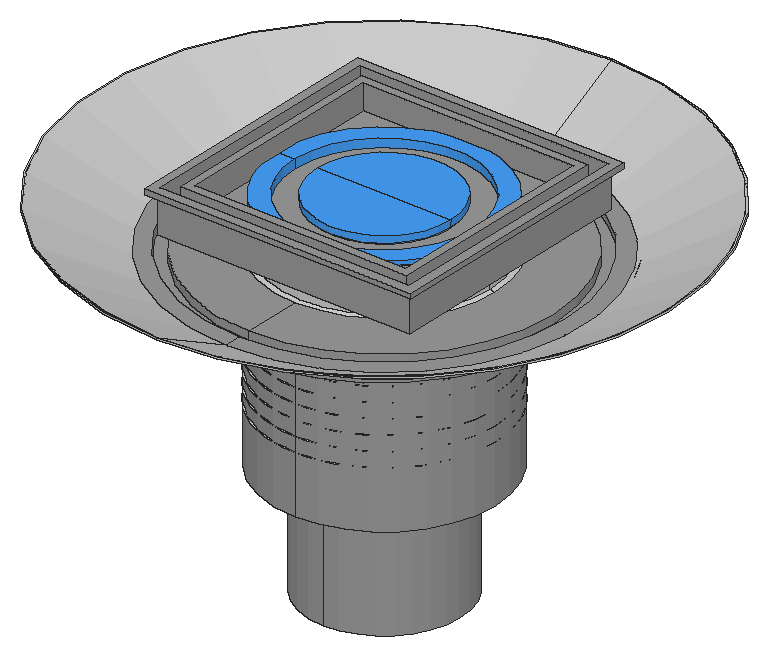
Revit family "_02HL_RU_Floor drain_HL310Prblue-3020", category Instalační zařizovací předměty, Revit 2021
Family settings
  Kóta kulaté spojky = Použít průměr
  Typ dílu = Normální
  Číslo OmniClass = 23.70.50.21.24.14
  Nadpis OmniClass = Deck Waste Water Drains
  Založené na pracovní rovině = Ne
  Vždy vertikální = Ano
  Ořezat dutým tvarem při načtení = Ne
  Sdílené = Ano
  Bod výpočtu místnosti = Ano
Parameters (values of type "HL310Prblue-3020")
  РЕШЁТКА = "112 x 112 mm"
  РАЗМЕР = "DN50/75/110"
  ПРОПУСКНАЯ СПОСОБНОСТЬ [instance] = 0.0 L/s
  ПРОИЗВОДИТЕЛЬНОСТЬ = "0,5 l/s"
  ПРАВОВАЯ ИНФОРМАЦИЯ = "Авторские права(©), права на дизайн или какие либо другие права интелектуальной собственности являются исключительной собственностью компании HL Hutterer & Lechner. Изменению не подлежит. Файл семейства с данными о прозводителе изделия защищен паролем с водяным знаком."  # constant formula
  Нормы = "EN 1253-8"
  НОМИНАЛЬНЫЙ ДИАМЕТР = 50 mm
  НАСАДКА = "10-80 mm / 132 x 132 mm"
  МАТЕРИАЛ = "PP, ABS"
  МАКСИМАЛЬНАЯ НАГРУЗКА КЛАССА = "K3 - 300 kg"
  ВЫСОТА МОНТАЖА = "183 mm"
  ВЕС = "0,9 [kg]"
  Výrobce = "HL Hutterer & Lechner GmbH"  # constant formula
  EAN = "9003076052011"
  Výchozí výška = 0 mm
  URL = "https://www.hutterer-lechner.com/ru/products/catalog/Floor-drains/vertical/flange/HL310Prblue-3020.aspx"
  Tile Material [instance] = none
  Přípoj ventilace = no
  Přípoj odpadních dílů = yes
  Přípoj HW = no
  Přípoj CW = no
  Popis = "Трап для внутренних помещений"
  Model = "HL310Prblue-3020"
  Assembly Code = " "
  Komentáře k typům = "Трап для внутренних помещений с \"СУХИМ\" сифоном, с вертикальным выпуском DN50/75/110, с надставным элементом 132х132/112х112 мм для вклеивания керамической плитки"
  Keynote = "HL310Prblue-3020"
  IH [instance] = Высота монтажа 1 + Высота монтажа 2  # 32 mm
  Высота монтажа 2 [instance] = 0 mm
  Высота монтажа 1 [instance] = 32 mm
  G [instance] = 180.00°  # constant formula
  D [instance] = if(НОМИНАЛЬНЫЙ ДИАМЕТР = 110 mm, IH - 5 mm, IH + 51 mm)  # 83 mm
  C [instance] = if(IH - 68 mm < 0 mm, 0 mm, IH - 68 mm)  # 0 mm
  B [instance] = 100 mm
  A [instance] = if(B - 100 mm > 15 mm, B - 100 mm, 15 mm)  # 15 mm
Reference planes
  plane 1 "Center (Front/Back)": y = 0
  plane 2: z = 0
  plane 3 "Center (Left/Right)": x = 0
  plane 4: z = -100
  plane 5: z = -32
  plane 6: z = -32
Lines and regions (mm)
  model lines, style "InvisibleLines"
    curve 1: line (0, 0, 0) -> (0, 0, 20)
  model lines, style "PlumbingFixtures", detail levels coarse+medium
    curve 2: line (0, 0, -100) -> (0, 0, -85)
    curve 3: line (0, 0, -85) -> (-85, 0, 0)
    curve 4: line (0, 0, -85) -> (85, 0, 0)
    curve 6: line (0, 0, -100) -> (0, 0, -183)
  reference lines, not visible
    curve 5: line (0, 0, -100) -> (0, 0, -183)
  symbolic lines, style "PlumbingFixtures", detail levels coarse+medium
    curve 7: line (-75, 75, 0) -> (75, 75, 0)
    curve 8: line (-75, -75, 0) -> (-75, 75, 0)
    curve 9: line (75, -75, 0) -> (-75, -75, 0)
    curve 10: line (75, 75, 0) -> (75, -75, 0)
    curve 11: line (-75, 75, 0) -> (-145.711, 145.711, 0)
    curve 12: line (75, 75, 0) -> (145.711, 145.711, 0)
    curve 13: line (-75, -75, 0) -> (-145.711, -145.711, 0)
    curve 14: line (75, -75, 0) -> (145.711, -145.711, 0)
  symbolic lines, style "PlumbingFixtures", not visible, detail levels coarse+medium
    curve 15: line (-75, 75, 0) -> (75, 75, 0)
    curve 16: line (-75, -75, 0) -> (-75, 75, 0)
    curve 17: line (75, -75, 0) -> (-75, -75, 0)
    curve 18: line (75, 75, 0) -> (75, -75, 0)
    curve 19: line (-75, 75, 0) -> (-145.711, 145.711, 0)
    curve 20: line (75, 75, 0) -> (145.711, 145.711, 0)
    curve 21: line (-75, -75, 0) -> (-145.711, -145.711, 0)
    curve 22: line (75, -75, 0) -> (145.711, -145.711, 0)
Text (mm)
  text "FLOOR" at (-162.344, 0, -10.979), in view "вид строительства"
Dimensions and locks
  "B": plane 2 to plane 4
  "IH": plane 2 to plane 5
  "A": curve 4 to plane 4
  "D": curve 5 to curve 5
  "D": curve 6 to curve 6
  "Высота монтажа 1": plane 2 to plane 6
  locked: curve 4 to plane 3 "Center (Left/Right)" (angle 45.00°)
  locked: plane 3 "Center (Left/Right)" to curve 3 (angle 45.00°)
  "G": angle curve 5 to plane 3 "Center (Left/Right)"
  aligned and locked: level to plane 2
  aligned and locked: plane 2 to curve 4
  aligned and locked: plane 2 to curve 3
  aligned and locked: plane 4 to curve 5
  aligned and locked: plane 3 "Center (Left/Right)" to curve 5
  aligned and locked: plane 4 to curve 2
  aligned and locked: plane 3 "Center (Left/Right)" to curve 6
  aligned and locked: plane 4 to curve 6
  aligned and locked: nested 1 to plane 3 "Center (Left/Right)"
  aligned and locked: nested 1 to plane 1 "Center (Front/Back)"
  aligned and locked: plane 3 "Center (Left/Right)" to nested 2
  aligned and locked: nested 1 to nested 2
  aligned and locked: plane 1 "Center (Front/Back)" to nested 2
  aligned and locked: plane 1 "Center (Front/Back)" to nested 3
  aligned and locked: plane 3 "Center (Left/Right)" to nested 3
  aligned and locked: nested 1 to plane 5
Automatic sketch dimensions
  curve 2 to plane 3 "Center (Left/Right)" = 0 mm
  curve 1 to plane 3 "Center (Left/Right)" = 0 mm
  curve 1 to level = 0 mm
  curve 1 to curve 1 = 20 mm
Nested families
  nested 1: "HL-Корпус для трапа внутренних помещений-HL310K-3020" at (0, 0, -10), type "HL310K-3020_Main Component"
  nested 2: "HL-Насадка-HL3020" at (0, 0, 0), type "HL3020_Main Component"
    with Высота монтажа 100 mm, RN 10, RL 65 mm, R yes, NL_Test yes, NL 100 mm
  nested 3: "HL-Вкладыш сифона-HL0510.12EKK" at (0, 0, -8), type "HL0510.12EKK"
Connectors
  piping at (0, 0, -183), diameter 50, driven by "ПРОПУСКНАЯ СПОСОБНОСТЬ", driven by "НОМИНАЛЬНЫЙ ДИАМЕТР"
    settings: on curve 5, index 1, connector inside diameter 609.6 mm, connector length 0 mm, flow factor 0, pipe flow 0.0 L/s, pressure drop 0.0 Pa, fitting loss kfactor 0, connector angle 0.00°, fixture units 0, engagement length 0 mm, angle of deflection 0.00°, flow configuration 1, flow direction 2, fitting loss method 0, system type 16, joint type 0, gender type 0, connector reference index -1, connector utility 0, adjustable connector yes, is connector primary yes, connector description ""
Definition of nested family "HL-Корпус для трапа внутренних помещений-HL310K-3020"
  Parameters (values of type "HL310K-3020")
    РАЗМЕР = "DN50/75/110"
    ПРАВОВАЯ ИНФОРМАЦИЯ = "Авторские права(©), права на дизайн или какие либо другие права интелектуальной собственности являются исключительной собственностью компании HL Hutterer & Lechner. Изменению не подлежит. Файл семейства с данными о прозводителе изделия защищен паролем с водяным знаком."  # constant formula
    МАТЕРИАЛ = "PP, ABS"
    ВЫСОТА МОНТАЖА = "170 mm"
    ВЕС = "0,17 [kg]"
    Waste Connection = yes
    Default Elevation = 0 mm
    Vent Connection = no
    Manufacturer = "HL Hutterer & Lechner GmbH"  # constant formula
    URL = "https://www.hutterer-lechner.com/ru/products/catalog/Floor-drains/vertical/flange/HL310K-3020.aspx"
    Assembly Code = ""
    HW Connection = no
    Description = "Трап для внутренних помещений"
    Model = "HL310K-3020"
    Type Comments = "Корпус трапа с вертикальным выпуском DN50/75/110, для серии 3020, с монтажной заглушкой"
    Keynote = "HL310K-3020"
    EAN = "9003076052202"
    CW Connection = no
  Reference planes
    plane 1 "Center (Front/Back)": y = 0
    plane 2: z = 0
    plane 3 "Center (Left/Right)": x = 0
    plane 4 "Ball Joint Vertical": x = 25.45
  Forms (mm)
    Revolve 1, solid, detail levels fine
      sketch origin (0, 0, 0) x (0, 1, 0) y (0, 0, 1)
        loop
          line (-142.408, 0) -> (-100, -22) -> (-97.986, -22) -> (-140.394, 0) -> (-142.408, 0)
        axis (0, 0) -> (0, -22)
      angle from 0 to 360
    Revolve 2, void
      sketch origin (0, 0, 0) x (0, 1, 0) y (0, 0, 1)
        loop
          line (-140.997, -0.926) -> (-140.997, 0.574) -> (-142.375, 0.574) -> (-142.375, -0.926) -> (-140.997, -0.926)
        axis (0, 0.574) -> (0, -0.926)
      angle from 0 to 360
    Revolve 3, solid, detail levels fine
      sketch origin (0, 0, 0) x (0, 1, 0) y (0, 0, 1)
        loop
          line (37.5, -117) -> (55, -117) -> (55, -46) -> (58.349, -46) -> (58.349, -29.5) -> (93, -29.5) -> (93, -24) -> (100, -24) -> (100, -22) -> (90, -22) -> (90, -26) -> (84, -26) -> (84, -22) -> (55.349, -22) -> (55.349, -42) -> (53, -42) -> (53, -114.996) -> (23, -114.996) -> (23, -173) -> (25, -173) -> (25, -117.159) -> (35.5, -117.159) -> (35.5, -173) -> (37.5, -173) -> (37.5, -117)
        axis (0, -22) -> (0, -173)
      angle from 0 to 360
  Cuts and joins
    Revolve 2 cuts Revolve 1
  Text (mm)
    text "ROOF/FLOOR" at (-198.233, 0, -26.556), in view "вид строительства"
  Dimensions and locks
    locked: plane 4 "Ball Joint Vertical" to plane 3 "Center (Left/Right)" at 25.45
    aligned and locked: level to plane 2
Definition of nested family "HL-Насадка-HL3020"
  Parameters (values of type "HL3020")
    РЕШЁТКА = "112 x 112 mm / ABS-V4A"
    РАЗМЕР = "d 110 mm"
    ПРАВОВАЯ ИНФОРМАЦИЯ = "Авторские права(©), права на дизайн или какие либо другие права интелектуальной собственности являются исключительной собственностью компании HL Hutterer & Lechner. Изменению не подлежит. Файл семейства с данными о прозводителе изделия защищен паролем с водяным знаком."  # constant formula
    НАСАДКА = "132 x 132 mm / PP-V4A"
    МАКСИМАЛЬНАЯ НАГРУЗКА КЛАССА = "K3 - 300 kg"
    Высота монтажа [instance] = 100 mm
    ВЫСОТА МОНТАЖА = "30 - 100 mm (10-80 mm)"
    ВЕС = "0,32 [kg]"
    Waste Connection = yes
    Default Elevation = 0 mm
    Vent Connection = no
    RD = 6.5 mm  # constant formula
    R [instance] = ((Высота монтажа - NL_Min) / RD - 1) > 2  # yes
    RL [instance] = RD * RN  # 65 mm
    NL_Test [instance] = and(or(Высота монтажа < NL_Max, Высота монтажа = NL_Max), or(Высота монтажа > NL_Min, Высота монтажа = NL_Min))  # yes
    NL_Min = 30 mm
    NL_Max = 100 mm
    NL [instance] = if(NL_Test, Высота монтажа, 0 mm)  # 100 mm
    RN [instance] = if((Высота монтажа - NL_Min) / RD - 1 < 2, 2, (Высота монтажа - NL_Min) / RD - 1)  # 10
    Manufacturer = "HL Hutterer & Lechner GmbH"  # constant formula
    URL = "http://www.hutterer-lechner.com/ru/products/catalog/floor-drains/attachments/HL3020.aspx"
    HW Connection = no
    Description = "Трапы для внутренних помещений - Комплектующие"
    Model = "HL3020"
    Type Comments = "HL3020 Надставной элемент ?110 мм с подрамником из нержавеющей стали 132х132 мм и вкладышем 112х112 мм для вклеивания керамической плитки"
    Keynote = "HL3020"
    EAN = "9003076034253"
    CW Connection = no
  Reference planes
    plane 1 "Center (Front/Back)": y = 0
    plane 2: z = 0
    plane 3 "Center (Left/Right)": x = 0
    plane 4 "Ball Joint Vertical": x = 25.45
    plane 5: z = -100
  Forms (mm)
    Sweep 1, solid, detail levels fine
      path origin (0, 0, 0) x (1, 0, 0) y (0, 1, 0)
        loop
          line (-66, 66) -> (-66, -66) -> (66, -66) -> (66, 66) -> (-66, 66)
      profile origin (0, 66, 0) x (0, 1, 0) y (0, 0, 1)
        loop
          line (0, 0) -> (-4.35, 0) -> (-4.35, -20.7) -> (-3.55, -20.7) -> (-3.55, -2.5) -> (0, -2.5) -> (0, 0)
        loop
          line (-10, 0) -> (-14, 0) -> (-14, -14) -> (-10, -14) -> (-10, 0)
    Extrusion 2, solid, detail levels fine
      sketch origin (0, 0, 0) x (1, 0, 0) y (0, 1, 0)
        loop
          line (-56, 56) -> (-56, -56) -> (56, -56) -> (56, 56) -> (-56, 56)
      from -12 to -14
    Extrusion 3, solid, detail levels fine
      sketch origin (0, 0, 0) x (1, 0, 0) y (0, 1, 0)
        loop
          line (-61.75, 61.75) -> (-61.75, -61.75) -> (61.75, -61.75) -> (61.75, 61.75) -> (-61.75, 61.75)
      from -20.7 to -19.079
    Revolve 4, solid, detail levels fine
      sketch origin (0, 0, 0) x (1, 0, 0) y (0, 0, 1)
        loop
          line (52, -100) -> (52, -20.7) -> (50.2, -20.7) -> (50.2, -100) -> (52, -100)
        axis (0, -20.7) -> (0, -100)
      angle from 0 to 360
  Lines and regions (mm)
    symbolic lines
      curve 1: line (0, 0, -100) -> (0, 0, 0)
  Text (mm)
    text "ROOF/FLOOR" at (-198.233, 0, -26.556), in view "Drain Construction View"
  Dimensions and locks
    locked: plane 4 "Ball Joint Vertical" to plane 3 "Center (Left/Right)" at 25.45
    "NL": plane 2 to plane 5
    equal spacing: group 1, group 3, group 4, group 5, group 6, group 7, group 8, group 9, group 10, group 2  (x3)
    "RL": nested 2 to nested 1
    locked: nested 1 to plane 5 at 1.516
    aligned and locked: level to plane 2
    aligned and locked: plane 3 "Center (Left/Right)" to nested 1
    aligned and locked: plane 1 "Center (Front/Back)" to nested 1
    aligned and locked: plane 2 to curve 1
    aligned and locked: plane 5 to curve 1
    aligned and locked: Sweep 1 to Revolve 4 sketch curve
    aligned and locked: plane 5 to Revolve 4 sketch curve
  Automatic sketch dimensions
    curve 1 to plane 4 "Ball Joint Vertical" = 25.45 mm
    Sweep 1 sketch curve to plane 3 "Center (Left/Right)" = 66 mm
    plane 4 "Ball Joint Vertical" to Sweep 1 sketch curve = 40.55 mm
    plane 1 "Center (Front/Back)" to Sweep 1 sketch curve = 66 mm
    Sweep 1 sketch curve to plane 1 "Center (Front/Back)" = 66 mm
    Sweep 1 sketch curve to profile plane = 0 mm  (x3)
    profile plane to Sweep 1 sketch curve = 3.55 mm
    Sweep 1 sketch curve to Sweep 1 sketch curve = 0.8 mm
    Sweep 1 sketch curve to Sweep 1 sketch curve = 5.65 mm
    Sweep 1 sketch curve to Sweep 1 sketch curve = 4 mm
    Sweep 1 sketch curve to profile plane = 2.5 mm
    Sweep 1 sketch curve to Sweep 1 sketch curve = 11.5 mm
    Sweep 1 sketch curve to Sweep 1 sketch curve = 6.7 mm
    Extrusion 2 sketch curve to plane 3 "Center (Left/Right)" = 56 mm
    plane 4 "Ball Joint Vertical" to Extrusion 2 sketch curve = 30.55 mm
    plane 1 "Center (Front/Back)" to Extrusion 2 sketch curve = 56 mm
    Extrusion 2 sketch curve to plane 1 "Center (Front/Back)" = 56 mm
    Extrusion 3 sketch curve to plane 3 "Center (Left/Right)" = 61.75 mm
    plane 4 "Ball Joint Vertical" to Extrusion 3 sketch curve = 36.3 mm
    plane 1 "Center (Front/Back)" to Extrusion 3 sketch curve = 61.75 mm
    Extrusion 3 sketch curve to plane 1 "Center (Front/Back)" = 61.75 mm
    Revolve 4 sketch curve to plane 3 "Center (Left/Right)" = 0 mm
    plane 4 "Ball Joint Vertical" to Revolve 4 sketch curve = 24.75 mm
    Revolve 4 sketch curve to Revolve 4 sketch curve = 1.8 mm
    Revolve 4 sketch curve to level = 22.222 mm
    level to Revolve 4 sketch curve = 10 mm
  Nested families
    nested 1: "Ring" at (0, 0, -98.484), visible <- "R", type "Ring"
    nested 2: "Ring" at (0, 0, -33.484), visible <- "R", type "Ring"
    nested 3: "Ring" at (0, 0, -91.262), visible <- "R", type "Ring"
    nested 4: "Ring" at (0, 0, -84.039), visible <- "R", type "Ring"
    nested 5: "Ring" at (0, 0, -76.817), visible <- "R", type "Ring"
    nested 6: "Ring" at (0, 0, -69.595), visible <- "R", type "Ring"
    nested 7: "Ring" at (0, 0, -62.373), visible <- "R", type "Ring"
    nested 8: "Ring" at (0, 0, -55.151), visible <- "R", type "Ring"
    nested 9: "Ring" at (0, 0, -47.928), visible <- "R", type "Ring"
    nested 10: "Ring" at (0, 0, -40.706), visible <- "R", type "Ring"
  Definition of nested family "Ring"
    Parameters (values of type "Ring")
      Manufacturer = ""
      Default Elevation = 0 mm
      URL = ""
      R = D / 2  # 51.5 mm
      Description = ""
      Model = ""
      Material = none
      Type Comments = ""
      D = 103 mm
      Cost = 0
    Reference planes
      plane 1 "Střed (vpředu/vzadu)": y = 0
      plane 2: z = 0
      plane 3 "Střed (vlevo/vpravo)": x = 0
    Forms (mm)
      Revolve 1, solid, material <- "Material", detail levels fine
        sketch origin (0, 0, 0) x (1, 0, 0) y (0, 0, 1)
          loop
            line (-51.5, 1.482) -> (-54.764, 0) -> (-51.5, -1.516) -> (-51.5, 1.482)
          axis (0, 1.482) -> (0, -1.516)
        angle from 0 to 360
    Dimensions and locks
      "R": Revolve 1 sketch curve to plane 3 "Střed (vlevo/vpravo)"
      aligned and locked: level to plane 2
      aligned and locked: Revolve 1 sketch curve to plane 3 "Střed (vlevo/vpravo)"
    Automatic sketch dimensions
      Revolve 1 sketch curve to level = 0 mm
      Revolve 1 sketch curve to Revolve 1 sketch curve = 3.264 mm
      Revolve 1 sketch curve to level = 1.516 mm
      level to Revolve 1 sketch curve = 1.482 mm
      Revolve 1 sketch curve to level = 381 mm
      Revolve 1 sketch curve to Revolve 1 sketch curve = 2212.833 mm
Definition of nested family "HL-Вкладыш сифона-HL0510.12EKK"
  Parameters (values of type "HL0510.12EKK")
    ПРАВОВАЯ ИНФОРМАЦИЯ = "Авторские права(©), права на дизайн или какие либо другие права интелектуальной собственности являются исключительной собственностью компании HL Hutterer & Lechner. Изменению не подлежит. Файл семейства с данными о прозводителе изделия защищен паролем с водяным знаком."  # constant formula
    МАТЕРИАЛ = "ABS"
    ВЕС = "0,145 [kg]"
    Waste Connection = yes
    Default Elevation = 0 mm
    Vent Connection = no
    Manufacturer = "HL Hutterer & Lechner GmbH"  # constant formula
    URL = "https://www.hutterer-lechner.com/ru/products/catalog/Floor-drains/attachments/HL0510.12EKK.aspx"
    Assembly Code = "Main Component"
    HW Connection = no
    Description = "Трап для внутренних помещений"
    Model = "HL0510.12EKK"
    Type Comments = "Вкладыш запахозапирающий Primus blue для системы \"Klick-Klack\""
    Keynote = "HL0510.12EKK"
    EAN = "9003076051953"
    CW Connection = no
  Reference planes
    plane 1 "Center (Front/Back)": y = 0
    plane 2: z = 0
    plane 3 "Center (Left/Right)": x = 0
    plane 4 "Ball Joint Vertical": x = 25.45
  Forms (mm)
    Revolve 1, solid, detail levels fine
      sketch origin (0, 0, 0) x (1, 0, 0) y (0, 0, 1)
        loop
          circle (49.211, -8.597) r 2.5
        axis (0, -8.597) -> (0, -9.597)
      angle from 0 to 360
    Revolve 2, solid, detail levels fine
      sketch origin (0, 0, 0) x (1, 0, 0) y (0, 0, 1)
        loop
          line (53, 0) -> (44.15, 0) -> (44.15, -18.21) -> (32.15, -18.21) -> (32.15, -3.231) -> (33, -3.231) -> (33, 0) -> (0, 0) -> (0, -80) -> (41.65, -80) -> (41.65, -20.239) -> (46.65, -20.239) -> (46.65, -13.21) -> (49.702, -13.21) -> (49.702, -11.138) -> (46.65, -11.138) -> (46.65, -6.024) -> (49.7, -6.024) -> (49.7, -2) -> (53, -2) -> (53, 0)
        axis (0, 0) -> (0, -80)
      angle from 0 to 360
  Text (mm)
    text "ROOF/FLOOR" at (-198.233, 0, -26.556), in view "вид строительства"
  Dimensions and locks
    locked: plane 4 "Ball Joint Vertical" to plane 3 "Center (Left/Right)" at 25.45
    Revolve 2 sketch curve to plane 3 "Center (Left/Right)" = 33 mm
    Revolve 2 sketch curve to plane 3 "Center (Left/Right)" = 32.15 mm
    plane 3 "Center (Left/Right)" to Revolve 2 sketch curve = 44.15 mm
    Revolve 2 sketch curve to plane 3 "Center (Left/Right)" = 41.65 mm
    Revolve 2 sketch curve to plane 3 "Center (Left/Right)" = 49.702 mm
    plane 3 "Center (Left/Right)" to Revolve 2 sketch curve = 46.65 mm
    Revolve 2 sketch curve to plane 3 "Center (Left/Right)" = 49.7 mm
    Revolve 2 sketch curve to plane 3 "Center (Left/Right)" = 53 mm
    Revolve 1 sketch curve to plane 3 "Center (Left/Right)" = 49.211 mm
    Revolve 1 sketch curve to level = 8.597 mm
    aligned and locked: level to plane 2
    aligned and locked: plane 3 "Center (Left/Right)" to Revolve 1 sketch curve
    aligned and locked: plane 3 "Center (Left/Right)" to Revolve 2 sketch curve
